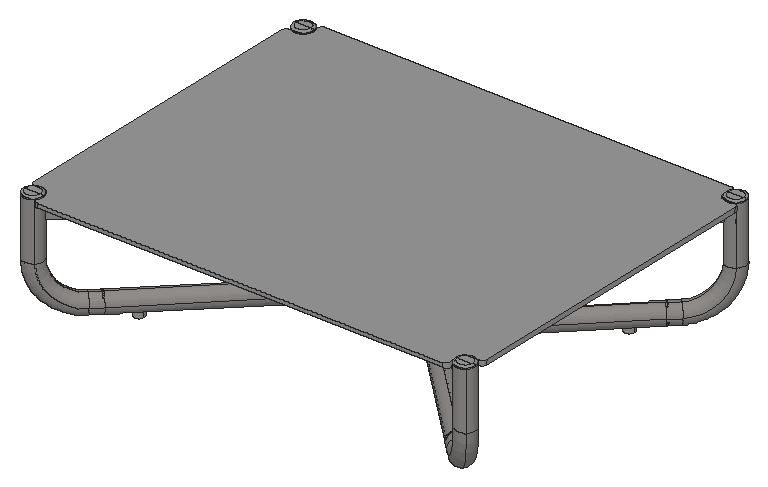
Revit family "FU_Modular_Sandler_Cosmo 1513", category Furniture, Revit 2020
Family settings
  OmniClass Number = 23.40.20.00
  OmniClass Title = General Furniture and Specialties
  Work Plane-Based = No
  Always vertical = Yes
  Cut with Voids When Loaded = No
  Shared = No
  Room Calculation Point = No
Parameters (values of type "Cosmo 1513")
  Width = 1110 mm
  URL = "https://www.sandlerseating.com/product/cosmo-1513/"
  Top [instance] = Laminate - Graphite
  Model = "Cosmo 1513"
  Manufacturer = "Sandler"
  Height = 800 mm
  Frame [instance] = Metal - Paint -AL VR - Pewter
  Description = "Rectangular coffee table in the Cosmo range of modular lounge furniture. HPL laminate top, steel frame. Use as a freestanding table or link it with other Cosmo elements."
  Depth = 880 mm
  Default Elevation = 0 mm
Reference planes
  plane 1 "Center (Front/Back)": y = 0
  plane 2: z = 0
  plane 3 "Center (Left/Right)": x = 0
  plane 4 "Right": x = -555
  plane 5 "Left": x = 555
  plane 6 "Back": y = 440
  plane 7 "Front": y = -440
  plane 8 "Height": z = 800
  plane 9 "Table height": z = 280
  plane 10 "Frame Base C RIGHT": z = 33.282
  plane 11 "Frame Front C RIGHT": y = -414.45
  plane 12 "Frame Back C RIGHT": y = 415.775
  plane 13 "Frame Left C FRONT": x = 530.501
  plane 14 "Frame Back Left C TOP": through (209.563, 94.979, 1200) normal (-0.7071, 0.7071, 0)
  plane 15 "Frame Front C TOP": through (209.497, -93.945, 1200) normal (0.7071, 0.7071, 0)
  plane 16 "Frame Right C FRONT": x = -530.501
  plane 17 "Table Base": z = 270
Forms (mm)
  Sweep 1, solid, material "Metal - Paint -AL VR - Pewter" <- "Frame"
    path origin (0, 0, 33.282) x (0, -1, 0) y (1, 0, 0)
      loop
        line (319.706, 435.757) -> (73.771, 189.822)
        arc (73.771, 189.822) -> (-0.733, 158.961) -> (-75.238, 189.822) r 105.365
        line (-75.238, 189.822) -> (-321.173, 435.757)
    profile "Pro_Circles : 48mm" origin (312.789, -196.738, 33.282) x (-0.707107, -0.707107, 0) y (0, 0, 1)
      loop
        arc (-23.967, 0.067) -> (-17.014, -16.92) -> (-0.066, -23.967) r 23.901
        arc (-0.066, -23.967) -> (16.967, -16.967) -> (23.967, 0.067) r 23.901
        arc (23.967, 0.067) -> (16.92, 17.014) -> (-0.067, 23.967) r 23.9
        arc (-0.067, 23.967) -> (-16.966, 16.966) -> (-23.967, 0.067) r 23.9
  Sweep 2, solid, material "Metal - Paint -AL VR - Pewter" <- "Frame"
    path origin (57.776, 57.776, 0) x (-0.707107, 0.707107, 0) y (0, 0, 1)
      loop
        line (-532.237, 33.282) -> (-562.237, 33.282)
        arc (-562.237, 33.282) -> (-636.483, 64.036) -> (-667.237, 138.282) r 105
        line (-667.237, 138.282) -> (-667.237, 280)
    profile "Pro_Circles : 48mm" origin (444.731, -329.179, 33.282) x (0, 0, -1) y (0.707107, 0.707107, 0)
      loop
        arc (-23.967, 0.067) -> (-17.014, -16.92) -> (-0.066, -23.967) r 23.901
        arc (-0.066, -23.967) -> (16.967, -16.967) -> (23.967, 0.067) r 23.901
        arc (23.967, 0.067) -> (16.92, 17.014) -> (-0.067, 23.967) r 23.9
        arc (-0.067, 23.967) -> (-16.966, 16.966) -> (-23.967, 0.067) r 23.9
  Sweep 3, solid, material "Metal - Paint -AL VR - Pewter" <- "Frame"
    path origin (57.776, -57.776, 0) x (-0.707107, -0.707107, 0) y (0, 0, -1)
      loop
        line (-532.237, -33.282) -> (-562.237, -33.282)
        arc (-562.237, -33.282) -> (-636.483, -64.036) -> (-667.237, -138.282) r 105
        line (-667.237, -138.282) -> (-667.237, -280)
    profile "Pro_Circles : 48mm" origin (444.731, 329.179, 33.282) x (0, 0, 1) y (0.707107, -0.707107, 0)
      loop
        arc (23.967, 0.067) -> (16.966, 16.966) -> (0.067, 23.967) r 23.9
        arc (0.067, 23.967) -> (-16.92, 17.014) -> (-23.967, 0.067) r 23.9
        arc (-23.967, 0.067) -> (-16.967, -16.967) -> (0.066, -23.967) r 23.901
        arc (0.066, -23.967) -> (17.014, -16.92) -> (23.967, 0.067) r 23.901
  Sweep 4, solid, material "Metal - Paint -AL VR - Pewter" <- "Frame"
    path origin (0, 0, 33.282) x (0, -1, 0) y (-1, 0, 0)
      loop
        line (319.706, 435.757) -> (73.771, 189.822)
        arc (73.771, 189.822) -> (-0.733, 158.961) -> (-75.238, 189.822) r 105.365
        line (-75.238, 189.822) -> (-321.173, 435.757)
    profile "Pro_Circles : 48mm" origin (-312.789, -196.738, 33.282) x (-0.707107, 0.707107, 0) y (0, 0, 1)
      loop
        arc (23.967, 0.067) -> (16.966, 16.966) -> (0.067, 23.967) r 23.9
        arc (0.067, 23.967) -> (-16.92, 17.014) -> (-23.967, 0.067) r 23.9
        arc (-23.967, 0.067) -> (-16.967, -16.967) -> (0.066, -23.967) r 23.901
        arc (0.066, -23.967) -> (17.014, -16.92) -> (23.967, 0.067) r 23.901
  Sweep 5, solid, material "Metal - Paint -AL VR - Pewter" <- "Frame"
    path origin (-57.776, 57.776, 0) x (0.707107, 0.707107, 0) y (0, 0, -1)
      loop
        line (-532.237, -33.282) -> (-562.237, -33.282)
        arc (-562.237, -33.282) -> (-636.483, -64.036) -> (-667.237, -138.282) r 105
        line (-667.237, -138.282) -> (-667.237, -280)
    profile "Pro_Circles : 48mm" origin (-444.731, -329.179, 33.282) x (0, 0, 1) y (-0.707107, 0.707107, 0)
      loop
        arc (23.967, 0.067) -> (16.966, 16.966) -> (0.067, 23.967) r 23.9
        arc (0.067, 23.967) -> (-16.92, 17.014) -> (-23.967, 0.067) r 23.9
        arc (-23.967, 0.067) -> (-16.967, -16.967) -> (0.066, -23.967) r 23.901
        arc (0.066, -23.967) -> (17.014, -16.92) -> (23.967, 0.067) r 23.901
  Sweep 6, solid, material "Metal - Paint -AL VR - Pewter" <- "Frame"
    path origin (-57.776, -57.776, 0) x (0.707107, -0.707107, 0) y (0, 0, 1)
      loop
        line (-532.237, 33.282) -> (-562.237, 33.282)
        arc (-562.237, 33.282) -> (-636.483, 64.036) -> (-667.237, 138.282) r 105
        line (-667.237, 138.282) -> (-667.237, 280)
    profile "Pro_Circles : 48mm" origin (-444.731, 329.179, 33.282) x (0, 0, -1) y (-0.707107, -0.707107, 0)
      loop
        arc (-23.967, 0.067) -> (-17.014, -16.92) -> (-0.066, -23.967) r 23.901
        arc (-0.066, -23.967) -> (16.967, -16.967) -> (23.967, 0.067) r 23.901
        arc (23.967, 0.067) -> (16.92, 17.014) -> (-0.067, 23.967) r 23.9
        arc (-0.067, 23.967) -> (-16.966, 16.966) -> (-23.967, 0.067) r 23.9
  Revolve 7, solid, material "Rubber, Black"
    sketch origin (-0.781, -414.45, -410.39) x (0, 0, -1) y (1, 0, 0)
      loop
        line (-695.421, 530.33) -> (-695.421, 511.266)
        arc (-695.421, 511.266) -> (-694.22, 508.04) -> (-691.201, 506.385) r 4.933
        arc (-691.201, 506.385) -> (-690.636, 506.55) -> (-690.39, 507.086) r 0.708
        line (-690.39, 507.086) -> (-690.39, 508.836) -> (-685.421, 508.836) -> (-685.421, 530.33) -> (-695.421, 530.33)
      axis (-695.421, 530.33) -> (-685.421, 530.33)
    angle from 0 to 360
  Revolve 8, solid, material "Rubber, Black"
    sketch origin (0.781, -414.45, -410.39) x (0, 0, -1) y (-1, 0, 0)
      loop
        line (-695.421, 530.33) -> (-695.421, 511.266)
        arc (-695.421, 511.266) -> (-694.22, 508.04) -> (-691.201, 506.385) r 4.933
        arc (-691.201, 506.385) -> (-690.636, 506.55) -> (-690.39, 507.086) r 0.708
        line (-690.39, 507.086) -> (-690.39, 508.836) -> (-685.421, 508.836) -> (-685.421, 530.33) -> (-695.421, 530.33)
      axis (-695.421, 530.33) -> (-685.421, 530.33)
    angle from 0 to 360
  Revolve 9, solid, material "Rubber, Black"
    sketch origin (-0.781, 414.001, -410.39) x (0, 0, -1) y (-1, 0, 0)
      loop
        line (-695.421, -530.33) -> (-685.421, -530.33) -> (-685.421, -508.836) -> (-690.39, -508.836) -> (-690.39, -507.086)
        arc (-690.39, -507.086) -> (-690.636, -506.55) -> (-691.201, -506.385) r 0.708
        arc (-691.201, -506.385) -> (-694.22, -508.04) -> (-695.421, -511.266) r 4.933
        line (-695.421, -511.266) -> (-695.421, -530.33)
      axis (-695.421, -530.33) -> (-685.421, -530.33)
    angle from 0 to 360
  Revolve 10, solid, material "Rubber, Black"
    sketch origin (0.781, 414.001, -410.39) x (0, 0, -1) y (-1, 0, 0)
      loop
        line (-695.421, 530.33) -> (-695.421, 511.266)
        arc (-695.421, 511.266) -> (-694.22, 508.04) -> (-691.201, 506.385) r 4.933
        arc (-691.201, 506.385) -> (-690.636, 506.55) -> (-690.39, 507.086) r 0.708
        line (-690.39, 507.086) -> (-690.39, 508.836) -> (-685.421, 508.836) -> (-685.421, 530.33) -> (-695.421, 530.33)
      axis (-695.421, 530.33) -> (-685.421, 530.33)
    angle from 0 to 360
  Extrusion 11, solid, material "Rubber, Black"
    sketch origin (0, 0, 0) x (1, 0, 0) y (0, 1, 0)
      loop
        circle (384.746, 270.162) r 12.5
    from 0 to 33.282
  Extrusion 12, solid, material "Rubber, Black"
    sketch origin (0, 0, 0) x (1, 0, 0) y (0, 1, 0)
      loop
        circle (384.746, -270.162) r 12.5
    from 0 to 33.282
  Extrusion 13, solid, material "Rubber, Black"
    sketch origin (0, 0, 0) x (-1, 0, 0) y (0, -1, 0)
      loop
        circle (384.746, -270.162) r 12.5
    from 0 to 33.282
  Extrusion 14, solid, material "Rubber, Black"
    sketch origin (0, 0, 0) x (-1, 0, 0) y (0, -1, 0)
      loop
        circle (384.746, 270.162) r 12.5
    from 0 to 33.282
  Sweep 15, solid, material "Metal - Paint -AL VR - Pewter" <- "Frame"
    path origin (0, 0, 270) x (-1, 0, 0) y (0, -1, 0)
      loop
        line (-530.501, 414.45) -> (530.501, -415.775)
    profile "Pro_Squares : 20mmx40mm" origin (0, 0.662, 270) x (-0.616251, -0.78755, 0) y (0, 0, 1)
      loop
        line (-10, 0) -> (-10, -40) -> (10, -40) -> (10, 0) -> (-10, 0)
  Sweep 16, solid, material "Metal - Paint -AL VR - Pewter" <- "Frame"
    path origin (0, 0, 270) x (-1, 0, 0) y (0, 1, 0)
      loop
        line (-530.501, 414.45) -> (530.501, -415.775)
    profile "Pro_Squares : 20mmx40mm" origin (0, -0.662, 270) x (0.616251, -0.78755, 0) y (0, 0, 1)
      loop
        line (10, 0) -> (-10, 0) -> (-10, -40) -> (10, -40) -> (10, 0)
  Extrusion 17, solid, material "Laminate - Graphite" <- "Top"
    sketch origin (0, 0, 270) x (-1, 0, 0) y (0, -1, 0)
      loop
        arc (496.001, -440) -> (504.992, -435.248) -> (506.131, -425.142) r 10.882
        arc (506.131, -425.142) -> (510.685, -396.066) -> (539.456, -389.868) r 26
        arc (539.456, -389.868) -> (549.935, -389.231) -> (555, -380.035) r 10.882
        line (555, -380.035) -> (555, 380.035)
        arc (555, 380.035) -> (549.935, 389.231) -> (539.456, 389.868) r 10.882
        arc (539.456, 389.868) -> (510.685, 396.066) -> (506.131, 425.142) r 26
        arc (506.131, 425.142) -> (504.992, 435.248) -> (496.001, 440) r 10.882
        line (496.001, 440) -> (-496.001, 440)
        arc (-496.001, 440) -> (-504.992, 435.248) -> (-506.131, 425.142) r 10.882
        arc (-506.131, 425.142) -> (-510.685, 396.066) -> (-539.456, 389.868) r 26
        arc (-539.456, 389.868) -> (-549.935, 389.231) -> (-555, 380.035) r 10.882
        line (-555, 380.035) -> (-555, -380.035)
        arc (-555, -380.035) -> (-549.935, -389.231) -> (-539.456, -389.868) r 10.882
        arc (-539.456, -389.868) -> (-510.685, -396.066) -> (-506.131, -425.142) r 26
        arc (-506.131, -425.142) -> (-504.992, -435.248) -> (-496.001, -440) r 10.882
        line (-496.001, -440) -> (496.001, -440)
    from 0 to 10
Dimensions and locks
  equal spacing: plane 4 "Right", plane 3 "Center (Left/Right)", plane 5 "Left"
  "Width": plane 4 "Right" to plane 5 "Left"
  equal spacing: plane 6 "Back", plane 1 "Center (Front/Back)", plane 7 "Front"
  "Depth": plane 6 "Back" to plane 7 "Front"
  "Height": plane 8 "Height" to level
  plane 9 "Table height" to level = 280 mm
  aligned and locked: level to plane 2
Automatic sketch dimensions
  Sweep 1 sketch curve to plane 14 "Frame Back Left C TOP" = 0 mm  (x2)
  Sweep 1 sketch curve to plane 1 "Center (Front/Back)" = 75.238 mm
  Sweep 1 sketch curve to plane 1 "Center (Front/Back)" = 0.733 mm
  plane 1 "Center (Front/Back)" to Sweep 1 sketch curve = 73.771 mm
  Sweep 1 sketch curve to Sweep 1 sketch curve = 74.504 mm
  Sweep 1 sketch curve to plane 12 "Frame Back C RIGHT" = 94.602 mm
  Sweep 1 sketch curve to plane 11 "Frame Front C RIGHT" = 94.744 mm
  Sweep 1 sketch curve to plane 13 "Frame Left C FRONT" = 94.744 mm
  plane 9 "Table height" to Sweep 2 sketch curve = 0 mm
  plane 10 "Frame Base C RIGHT" to Sweep 2 sketch curve = 0 mm
  plane 10 "Frame Base C RIGHT" to Sweep 2 sketch curve = 105 mm
  Sweep 2 sketch curve to plane 14 "Frame Back Left C TOP" = 586.214 mm
  Sweep 2 sketch curve to Sweep 2 sketch curve = 30 mm
  Sweep 3 sketch curve to plane 9 "Table height" = 0 mm
  Sweep 3 sketch curve to plane 10 "Frame Base C RIGHT" = 0 mm
  plane 10 "Frame Base C RIGHT" to Sweep 3 sketch curve = 105 mm
  plane 15 "Frame Front C TOP" to Sweep 3 sketch curve = 585.529 mm
  Sweep 3 sketch curve to Sweep 3 sketch curve = 30 mm
  plane 1 "Center (Front/Back)" to Sweep 4 sketch curve = 75.238 mm
  plane 1 "Center (Front/Back)" to Sweep 4 sketch curve = 0.733 mm
  Sweep 4 sketch curve to plane 1 "Center (Front/Back)" = 73.771 mm
  plane 3 "Center (Left/Right)" to Sweep 4 sketch curve = 189.822 mm
  Sweep 4 sketch curve to Sweep 4 sketch curve = 74.504 mm
  plane 12 "Frame Back C RIGHT" to Sweep 4 sketch curve = 94.602 mm
  plane 11 "Frame Front C RIGHT" to Sweep 4 sketch curve = 94.744 mm
  plane 16 "Frame Right C FRONT" to Sweep 4 sketch curve = 94.744 mm  (x2)
  plane 9 "Table height" to Sweep 5 sketch curve = 0 mm
  plane 10 "Frame Base C RIGHT" to Sweep 5 sketch curve = 0 mm
  plane 10 "Frame Base C RIGHT" to Sweep 5 sketch curve = 105 mm
  Sweep 5 sketch curve to plane 15 "Frame Front C TOP" = 748.945 mm
  Sweep 5 sketch curve to Sweep 5 sketch curve = 30 mm
  Sweep 6 sketch curve to plane 9 "Table height" = 0 mm
  Sweep 6 sketch curve to plane 10 "Frame Base C RIGHT" = 0 mm
  plane 10 "Frame Base C RIGHT" to Sweep 6 sketch curve = 105 mm
  plane 14 "Frame Back Left C TOP" to Sweep 6 sketch curve = 748.26 mm
  Sweep 6 sketch curve to Sweep 6 sketch curve = 30 mm
  Revolve 7 sketch curve to plane 9 "Table height" = 0 mm
  plane 9 "Table height" to Revolve 7 sketch curve = 0.098 mm
  Revolve 7 sketch curve to Revolve 7 sketch curve = 0.708 mm
  Revolve 7 sketch curve to plane 13 "Frame Left C FRONT" = 0.952 mm  (x2)
  plane 9 "Table height" to Revolve 7 sketch curve = 5.03 mm
  Revolve 7 sketch curve to plane 9 "Table height" = 4.97 mm
  Revolve 7 sketch curve to Revolve 7 sketch curve = 19.065 mm
  Revolve 7 sketch curve to Revolve 7 sketch curve = 2.43 mm
  Revolve 7 sketch curve to Revolve 7 sketch curve = 1.75 mm
  Revolve 7 sketch curve to Revolve 7 sketch curve = 7.372 mm
  Revolve 7 sketch curve to plane 17 "Table Base" = 14.161 mm
  Revolve 8 sketch curve to plane 9 "Table height" = 0 mm
  Revolve 8 sketch curve to plane 9 "Table height" = 0.098 mm
  Revolve 8 sketch curve to Revolve 8 sketch curve = 0.708 mm
  plane 16 "Frame Right C FRONT" to Revolve 8 sketch curve = 0.952 mm  (x2)
  Revolve 8 sketch curve to plane 9 "Table height" = 5.03 mm
  plane 9 "Table height" to Revolve 8 sketch curve = 4.97 mm
  Revolve 8 sketch curve to Revolve 8 sketch curve = 19.065 mm
  Revolve 8 sketch curve to Revolve 8 sketch curve = 2.43 mm
  Revolve 8 sketch curve to Revolve 8 sketch curve = 1.75 mm
  Revolve 8 sketch curve to Revolve 8 sketch curve = 7.372 mm
  plane 17 "Table Base" to Revolve 8 sketch curve = 14.161 mm
  Revolve 9 sketch curve to plane 9 "Table height" = 0 mm
  plane 9 "Table height" to Revolve 9 sketch curve = 0.098 mm
  Revolve 9 sketch curve to Revolve 9 sketch curve = 0.708 mm
  Revolve 9 sketch curve to plane 13 "Frame Left C FRONT" = 0.952 mm  (x2)
  plane 9 "Table height" to Revolve 9 sketch curve = 5.03 mm
  Revolve 9 sketch curve to plane 9 "Table height" = 4.97 mm
  Revolve 9 sketch curve to Revolve 9 sketch curve = 19.065 mm
  Revolve 9 sketch curve to Revolve 9 sketch curve = 2.43 mm
  Revolve 9 sketch curve to Revolve 9 sketch curve = 1.75 mm
  Revolve 9 sketch curve to Revolve 9 sketch curve = 7.372 mm
  Revolve 9 sketch curve to plane 17 "Table Base" = 14.161 mm
  Revolve 10 sketch curve to plane 9 "Table height" = 0 mm
  plane 9 "Table height" to Revolve 10 sketch curve = 0.098 mm
  plane 9 "Table height" to Revolve 10 sketch curve = 0.708 mm
  Revolve 10 sketch curve to plane 16 "Frame Right C FRONT" = 0.952 mm  (x2)
  plane 9 "Table height" to Revolve 10 sketch curve = 5.03 mm
  Revolve 10 sketch curve to Revolve 10 sketch curve = 4.97 mm
  Revolve 10 sketch curve to Revolve 10 sketch curve = 19.065 mm
  Revolve 10 sketch curve to Revolve 10 sketch curve = 2.43 mm
  Revolve 10 sketch curve to Revolve 10 sketch curve = 1.75 mm
  Revolve 10 sketch curve to Revolve 10 sketch curve = 7.372 mm
  Revolve 10 sketch curve to plane 17 "Table Base" = 14.161 mm
  Extrusion 11 sketch curve to plane 14 "Frame Back Left C TOP" = 0 mm
  Extrusion 11 sketch curve to plane 12 "Frame Back C RIGHT" = 145.613 mm
  plane 13 "Frame Left C FRONT" to Extrusion 12 sketch curve = 145.755 mm
  plane 11 "Frame Front C RIGHT" to Extrusion 12 sketch curve = 144.288 mm
  plane 16 "Frame Right C FRONT" to Extrusion 13 sketch curve = 145.755 mm
  plane 12 "Frame Back C RIGHT" to Extrusion 13 sketch curve = 145.613 mm
  Extrusion 14 sketch curve to plane 16 "Frame Right C FRONT" = 145.755 mm
  Extrusion 14 sketch curve to plane 11 "Frame Front C RIGHT" = 144.288 mm
  plane 11 "Frame Front C RIGHT" to Sweep 15 sketch curve = 0 mm
  Sweep 15 sketch curve to plane 13 "Frame Left C FRONT" = 0 mm
  Sweep 15 sketch curve to plane 12 "Frame Back C RIGHT" = 0 mm
  Sweep 15 sketch curve to plane 16 "Frame Right C FRONT" = 0 mm
  Sweep 16 sketch curve to plane 13 "Frame Left C FRONT" = 0 mm
  Sweep 16 sketch curve to plane 16 "Frame Right C FRONT" = 0 mm
  Sweep 16 sketch curve to plane 11 "Frame Front C RIGHT" = 1.325 mm
  plane 12 "Frame Back C RIGHT" to Sweep 16 sketch curve = 1.325 mm
  Extrusion 17 sketch curve to plane 7 "Front" = 0 mm
  Extrusion 17 sketch curve to plane 6 "Back" = 0 mm
  plane 5 "Left" to Extrusion 17 sketch curve = 10.882 mm  (x2)
  Extrusion 17 sketch curve to plane 13 "Frame Left C FRONT" = 0.917 mm  (x2)
  Extrusion 17 sketch curve to plane 11 "Frame Front C RIGHT" = 0.529 mm  (x2)
  Extrusion 17 sketch curve to plane 6 "Back" = 10.882 mm  (x2)
  Extrusion 17 sketch curve to plane 13 "Frame Left C FRONT" = 34.5 mm  (x2)
  plane 7 "Front" to Extrusion 17 sketch curve = 10.882 mm  (x2)
  Extrusion 17 sketch curve to plane 16 "Frame Right C FRONT" = 34.5 mm  (x2)
  Extrusion 17 sketch curve to plane 16 "Frame Right C FRONT" = 0.917 mm  (x2)
  Extrusion 17 sketch curve to plane 4 "Right" = 10.882 mm  (x2)
  Extrusion 17 sketch curve to plane 12 "Frame Back C RIGHT" = 1.854 mm  (x2)
  Extrusion 17 sketch curve to Extrusion 17 sketch curve = 33.886 mm  (x3)
  Extrusion 17 sketch curve to plane 11 "Frame Front C RIGHT" = 34.415 mm
  plane 13 "Frame Left C FRONT" to Extrusion 17 sketch curve = 8.955 mm  (x2)
  Extrusion 17 sketch curve to Extrusion 17 sketch curve = 10.13 mm  (x2)
  Extrusion 17 sketch curve to plane 5 "Left" = 0 mm
  Extrusion 17 sketch curve to plane 4 "Right" = 0 mm
  radius of Extrusion 11 sketch curve = 12.5 mm
  radius of Extrusion 12 sketch curve = 12.5 mm
  radius of Extrusion 13 sketch curve = 12.5 mm
  radius of Extrusion 14 sketch curve = 12.5 mm
